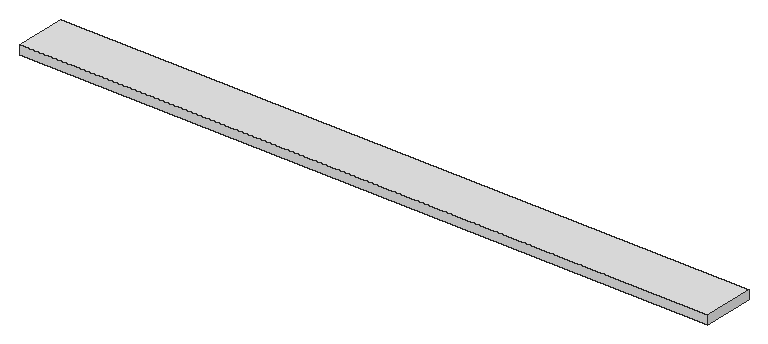
Revit family "11-TRIMBOARD-AND-STEALTH-TRIM-CADS-99-Trimboard-5-8x4-4-REVIT_Versatex-Generic-Model-5-8in-x-4in-TRIMBOARD", category Generic Models, host Face, Revit 2026
Family settings
  Host = Face
  Can host rebar = No
  Round Connector Dimension = Use Diameter
  Part Type = Normal
  Cut with Voids When Loaded = No
  Maintain Annotation Orientation = No
  Shared = No
  Room Calculation Point = No
Parameters
  Model = "TBSM/TR580418"
  Length = 4' - 0"
  Warranty = "https://versatex.com/warranty/"
  URL = "https://versatex.com/"
  Specification = "https://www.arcat.com/company/versatex-45716/spec?coid=45716"
  Sales Information = "https://versatex.com/dealer-locator/"
  Message Manufacturer = "https://versatex.com/contact/"
  Material = Versatex PVC - Smooth
  Manufacturer Website = "https://versatex.com/"
  Manufacturer Phone = "724-857-1111"
  Manufacturer Fax = "724-857-1171"
  Manufacturer Address = "400 Steel Street, Aliquippa, PA 15001"
  Manufacturer = "Versatex"
  Literature = "https://versatex.com/literature/?_sft_literature_category=cads"
  Description = "NOMINAL 5/8” x 4” TRIMBOARD"
  Default Elevation = 4' - 0"
  Copyright = "© 2024 VERSATEX Building Products, LLC"
Reference planes (in)
  plane 1 "Center (Front/Back)": y = 0
  plane 2: z = 0
  plane 3 "Center (Left/Right)": x = 0
  plane 4: x = 24
  plane 5: x = -24
Forms (in)
  Sweep 1, solid, material "Versatex PVC - Smooth" <- "Material"
    path origin (0, 0, 0) x (1, 0, 0) y (0, 1, 0)
      loop
        line (-24, 0) -> (24, 0)
    profile "Versatex_Profile_5-8” x 4” TRIMBOARD : Versatex_Profile_5-8” x 4” TRIMBOARD" origin (0, 0, 0) x (0, 1, 0) y (0, 0, 1)
      loop
        line (0, 0) -> (3.5, 0) -> (3.5, 0.625) -> (0, 0.625) -> (0, 0)
Dimensions and locks (in)
  "Length": plane 5 to plane 4
  equal spacing: plane 5, plane 3 "Center (Left/Right)", plane 4, locked at 24 each
  aligned and locked: plane 2 to host face
  aligned and locked: level to host face
Automatic sketch dimensions
  host sketch curve to host sketch curve = 8' - 0"  (x2)
  plane 1 "Center (Front/Back)" to Sweep 1 sketch curve = 0' - 0"
  Sweep 1 sketch curve to plane 5 = 0' - 0"
  Sweep 1 sketch curve to plane 4 = 0' - 0"
